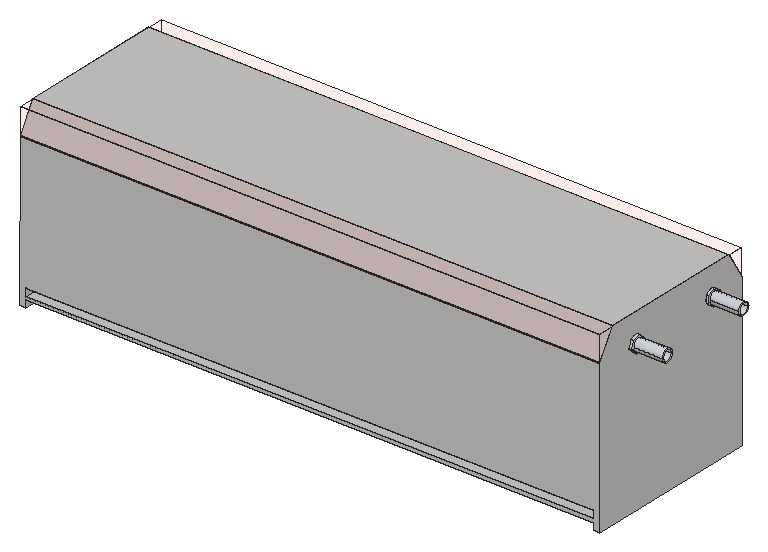
Revit family "Air-Curtain_Climate-Control_PoweredAire_ECE-HW", category Mechanical Equipment, host Face, Revit 2024
Family settings
  Host = Face
  Round Connector Dimension = Use Diameter
  Part Type = Normal
  OmniClass Number = 23.75.35.17.21
  OmniClass Title = Air Curtains
  Cut with Voids When Loaded = No
  Maintain Annotation Orientation = No
  Shared = No
  Room Calculation Point = No
Parameters
  upperrotation [instance] = if(Upper Pipe Connection Side A, 0.00°, 180.00°)  # 0.00°
  lowerrotation [instance] = if(Lower Pipe Connection Side A, 0.00°, 180.00°)  # 0.00°
  locateupperpipe [instance] = if(Upper Pipe Connection Side A, 0' 0", Nozzle Width)  # 0' - 0"
  locatelowerpipe [instance] = if(Lower Pipe Connection Side A, 0' 0", Nozzle Width)  # 0' - 0"
  Upper Pipe Connection Side A [instance] = yes
  Unit Width Notes = "Other Widths available."  # constant formula
  Unit Width = 4' - 1"
  Unit Weight = 0
  Unit Height = 1' - 3"
  Unit Depth [instance] = if(Include Filters, 2' 1 7/8", 1' 11 3/4")  # 1' - 11 3/4"
  Unit  Depth [instance] = 1' - 3"
  URL = "http://www.poweredaire.com/"
  Specification = ""
  Projection from Host [instance] = 0' - 0"
  Product Page URL = "https://www.arcat.com/company/powered-aire-inc-47623"
  Power Rating = 0 W
  Piping_Water Flow [instance] = 0 GPM
  Piping_Operating Pressure [instance] = 0.00 psi
  Piping_Exit Temperature [instance] = 0 °F
  Piping_Entry Temperature [instance] = 0 °F
  Pipe OD [instance] = 5/8"
  Nozzle Width = if(1 = 1, Unit Width - 0' 3", 0' 0")  # 3' - 10"
  Mounting Width = if(1 = 1, Unit Width - 0' 1 1/2", 0' 0")  # 3' - 11 1/2"
  Mounting Height [instance] = 3' - 6"
  Motor RPM = 0
  Motor HP = 0
  Motor Count = 0
  Model = "ECE HW"
  Max Height = 0' - 0"
  Manufacturer = "Powered Aire, Inc"
  Lower Pipe Connection Side A [instance] = yes
  Keynote = "23 34 33"
  Include Filters [instance] = no
  Include Clearance [instance] = yes
  Heating Element Load = 0 W
  HVAC_Temperature Rise [instance] = 0 °F
  HVAC_Outlet Volume [instance] = 0 CFM
  HVAC_Outlet Velocity Uniformity = 0
  HVAC_Outlet Velocity [instance] = 0 FPM
  HVAC_BTU Input = 0.0 Btu/h
  Front Grating Material [instance] = Metal - Steel - PoweredAire - Stainless 304 Perforated
  Frame Finish [instance] = Metal - Steel - PoweredAire - Stainless 304
  Electrical_Wattage [instance] = Power Rating + Heating Element Load  # 0 W
  Electrical_Voltage [instance] = 0 V
  Electrical_Phase [instance] = 1
  Electrical_Frequency [instance] = 0 Hz
  Electrical_Amperage [instance] = 0 A
  Description = ""
  Default Elevation = 0' - 0"  # constant formula
  Copyright = "©Arcat Inc."
  Clearance_Top [instance] = 0' - 0"
  Clearance_Side B [instance] = 0' - 0"
  Clearance_Side A [instance] = 0' - 0"
  Clearance_Intake [instance] = 0' - 0"
  Clearance_Bottom [instance] = 0' - 0"
  Clearance Material [instance] = ARCAT Clearance
  CAD Details = ""
  Assembly Code = "D3090400"
Reference planes (in)
  plane 1 "Center (Elevation)": y = 0.13818
  plane 2: z = 0
  plane 3 "Center (Left/Right)": x = 0
  plane 4: y = 7.63818
  plane 5: y = -7.36182
  plane 6: x = 24.5
  plane 7: z = 15
  plane 8 "FF": y = -41.86182
  plane 9: x = 24.5
  plane 10: x = -24.5
  plane 11: y = 7.63818
  plane 12: y = -7.36182
  plane 13: x = -24.5
  plane 14: y = 6.26318
  plane 15: y = -5.98682
  plane 16: z = 12.75
  plane 17: y = 4.38818
  plane 18: y = -3.67182
  plane 19: z = 0
  plane 20: y = 9.88818
  plane 21: x = 24
  plane 22: x = -24
Forms (in)
  Extrusion 1, solid, material "Metal - Steel - PoweredAire - Stainless 304" <- "Frame Finish"
    sketch origin (0, -0.0191, 0) x (0, 1, 0) y (0, 0, 1)
      loop
        line (-7.34273, 0) -> (7.65727, 0) -> (7.65727, 12.75) -> (6.24408, 15.03125) -> (-5.96773, 15.03125) -> (-7.34273, 12.75) -> (-7.34273, 0)
    from -24.5 to 24.5
  Extrusion 2, solid, material "ARCAT Clearance" <- "Clearance Material", visible <- "Include Clearance"
    sketch origin (0, 0, 0) x (0, 1, 0) y (0, 0, 1)
      loop
        line (-7.36182, 15) -> (-7.36182, 0) -> (7.63818, 0) -> (7.63818, 15) -> (-7.36182, 15)
    from -24.5 to 24.5
  Extrusion 3, solid
    sketch origin (0, 0, 0) x (0, 1, 0) y (0, 0, 1)
      loop
        circle (-3.67182, 12.75) r 0.44922
      loop
        circle (4.38818, 12.75) r 0.44922
      loop
        circle (-3.67182, 12.75) r 0.5
      loop
        circle (4.38818, 12.75) r 0.5
    from 24.5 to 27.25
  Extrusion 4, solid
    sketch origin (0, 0, 0) x (0, 1, 0) y (0, 0, 1)
      loop
        line (-3.19979, 12.27796) -> (-3.02701, 12.92278) -> (-3.49905, 13.39481) -> (-4.14386, 13.22204) -> (-4.31664, 12.57722) -> (-3.8446, 12.10519) -> (-3.19979, 12.27796)
      loop
        line (4.93501, 12.3671) -> (4.99319, 13.03212) -> (4.44636, 13.41502) -> (3.84134, 13.1329) -> (3.78316, 12.46788) -> (4.32999, 12.08498) -> (4.93501, 12.3671)
      loop
        circle (-3.67182, 12.75) r 0.5
      loop
        circle (4.38818, 12.75) r 0.5
    from 24.5 to 24.78
  Extrusion 5, void
    sketch origin (0.25, 0, -1) x (0, 1, 0) y (0, 0, 1)
      loop
        line (-7.36182, 1) -> (-6.36182, 1) -> (-6.36182, 2.5) -> (-7.36182, 2.5) -> (-7.36182, 1.82425) -> (-6.50864, 1.82425) -> (-6.50864, 1.57425) -> (-7.36182, 1.57425) -> (-7.36182, 1)
    from -24.25 to 23.75
  Extrusion 6, solid
    sketch origin (0, 0.13818, 0) x (1, 0, 0) y (0, 0, 1)
      loop
        line (1.90625, 10.0625) -> (-1.90625, 10.0625)
        arc (-1.90625, 10.0625) -> (-1.97254, 10.03504) -> (-2, 9.96875) r 0.09375
        line (-2, 9.96875) -> (-2, 6.15625)
        arc (-2, 6.15625) -> (-1.97254, 6.08996) -> (-1.90625, 6.0625) r 0.09375
        line (-1.90625, 6.0625) -> (1.90625, 6.0625)
        arc (1.90625, 6.0625) -> (1.97254, 6.08996) -> (2, 6.15625) r 0.09375
        line (2, 6.15625) -> (2, 9.96875)
        arc (2, 9.96875) -> (1.97254, 10.03504) -> (1.90625, 10.0625) r 0.09375
    from -9.75 to -7.5
  Extrusion 7, solid, material "Metal - Steel - PoweredAire - Stainless 304 Perforated"
    sketch origin (0, 0, 0) x (0, 1, 0) y (0, 0, 1)
      loop
        line (-5.98682, 15.03125) -> (6.22498, 15.03125) -> (7.63818, 12.75) -> (7.63818, 12.80115) -> (6.24908, 15.07422) -> (-6.01109, 15.07422) -> (-7.36182, 12.83324) -> (-7.36182, 12.75) -> (-5.98682, 15.03125)
    from -24.5 to 24.5
  Extrusion 8, solid
    sketch origin (0, 0, 0) x (0, 1, 0) y (0, 0, 1)
      loop
        circle (-3.67182, 12.75) r 0.53906
      loop
        circle (4.38818, 12.75) r 0.53906
    from 23.98 to 24.5
Cuts and joins
  Extrusion 5 cuts Extrusion 1
  Extrusion 5 cuts Extrusion 2
Lines and regions (in)
  reference lines
    curve 1: line (19.5, 6.26318, 0) -> (24.25, 6.26318, 0)
    curve 2: line (19.5, -5.98682, 0) -> (23.75, -5.98682, 0)
Dimensions and locks (in)
  equal spacing: plane 4, plane 1 "Center (Elevation)", plane 5
  "Unit Height": plane 4 to plane 5
  plane 10 to plane 3 "Center (Left/Right)" to plane 9 = 2' - 0 1/2", 2' - 0 1/2"
  "Mounting Height": plane 1 "Center (Elevation)" to plane 8 "FF"
  "Clearance_Top": plane 11 to plane 4
  "Clearance_Bottom": plane 5 to plane 12
  locked: plane 12 to plane 18 at 3.69
  locked: plane 17 to plane 11 at 3.25
  locked: Extrusion 1 to Extrusion 3 at 2.75
  "Clearance_Side B": plane 9 to plane 6
  "Clearance_Side A": plane 13 to plane 10
  "Unit Width": plane 10 to plane 9
  locked: plane 6 to Extrusion 4 at 0.28
  Extrusion 5 sketch curve to Extrusion 5 sketch curve to Extrusion 5 sketch curve to Extrusion 5 sketch curve = 0' - 0.67575" locked, 0' - 0 1/4" locked, 0' - 0.57425" locked
  locked: Extrusion 5 sketch curve to Extrusion 5 sketch curve at 0.14681
  "Projection from Host": plane 2 to plane 19
  locked: plane 16 to plane 7 at 2.25
  "Unit  Depth": plane 7 to plane 19
  Extrusion 6 to plane 3 "Center (Left/Right)" to Extrusion 6 = 0' - 2" locked, 0' - 2" locked
  locked: Extrusion 6 to Extrusion 6 at 4
  locked: Extrusion 6 to plane 7 at 4.9375
  locked: cut or joined group of Extrusion 2, Extrusion 5 to Extrusion 6 at 2.25
  locked: plane 20 to plane 11 at 2.25
  equal spacing: cut or joined group of Extrusion 2, Extrusion 5, plane 3 "Center (Left/Right)", cut or joined group of Extrusion 2, Extrusion 5
  locked: plane 22 to plane 10 at 0.5
  locked: plane 9 to plane 21 at 0.5
  locked: Extrusion 8 to plane 6 at 0.52
  plane 9 to plane 6 = 0' - 0"
  aligned and locked: plane 2 to host face
  aligned and locked: host face to level
  aligned and locked: plane 12 to Extrusion 2 sketch curve
  aligned and locked: level to Extrusion 2 sketch curve
  aligned and locked: Extrusion 2 sketch curve to plane 11
  aligned and locked: Extrusion 2 to plane 13
  aligned and locked: plane 9 to Extrusion 1
  aligned and locked: Extrusion 1 to plane 10
  aligned and locked: plane 15 to curve 2
  aligned and locked: plane 14 to curve 1
  aligned and locked: plane 6 to Extrusion 2
  aligned and locked: Extrusion 3 to Extrusion 1
  aligned and locked: Extrusion 3 to plane 9
  aligned and locked: plane 9 to Extrusion 3  (x2)
  aligned and locked: plane 10 to Extrusion 1
  aligned and locked: Extrusion 4 to plane 6
  aligned and locked: plane 19 to cut or joined group of Extrusion 1, Extrusion 5
  aligned and locked: Extrusion 1 to Extrusion 5
  aligned and locked: Extrusion 1 to plane 4
  aligned and locked: Extrusion 1 to plane 5
  aligned and locked: cut or joined group of Extrusion 1, Extrusion 5 to plane 11
  aligned and locked: Extrusion 7 sketch curve to plane 5
  aligned and locked: plane 4 to Extrusion 7 sketch curve
  aligned and locked: Extrusion 7 to cut or joined group of Extrusion 1, Extrusion 5  (x2)
  aligned and locked: Extrusion 6 to cut or joined group of Extrusion 1, Extrusion 5
  aligned and locked: cut or joined group of Extrusion 1, Extrusion 5 to Extrusion 6
  aligned and locked: Extrusion 6 to plane 20
  aligned and locked: Extrusion 5 to cut or joined group of Extrusion 2, Extrusion 5  (x2)
  aligned and locked: plane 21 to cut or joined group of Extrusion 2, Extrusion 5
  aligned and locked: cut or joined group of Extrusion 2, Extrusion 5 to plane 22
  aligned and locked: Extrusion 8 to Extrusion 4
Automatic sketch dimensions
  host sketch curve to host sketch curve = 8' - 0"  (x2)
  curve 1 to plane 9 = 0' - 0 1/4"
  curve 1 to curve 1 = 0' - 4 3/4"
  curve 2 to plane 9 = 0' - 5"
  Extrusion 3 sketch curve to Extrusion 3 sketch curve = 0' - 0"  (x4)
  Extrusion 3 sketch curve to plane 16 = 0' - 0"  (x2)
  Extrusion 3 sketch curve to plane 18 = 0' - 0"
  Extrusion 3 sketch curve to plane 17 = 0' - 0"
  Extrusion 4 sketch curve to plane 16 = 0' - 0"  (x2)
  Extrusion 4 sketch curve to plane 18 = 0' - 0"
  Extrusion 4 sketch curve to plane 17 = 0' - 0"
  plane 18 to Extrusion 4 sketch curve = 0' - 0.17278"
  plane 18 to Extrusion 4 sketch curve = 0' - 0.47204"
  Extrusion 4 sketch curve to plane 16 = 0' - 0.17278"
  plane 18 to Extrusion 4 sketch curve = 0' - 0.64481"
  Extrusion 4 sketch curve to plane 18 = 0' - 0.17278"
  Extrusion 4 sketch curve to plane 18 = 0' - 0.47204"
  plane 16 to Extrusion 4 sketch curve = 0' - 0.17278"
  Extrusion 4 sketch curve to plane 18 = 0' - 0.64481"
  Extrusion 4 sketch curve to plane 16 = 0' - 0.28212"
  plane 17 to Extrusion 4 sketch curve = 0' - 0.60502"
  plane 17 to Extrusion 4 sketch curve = 0' - 0.54683"
  plane 17 to Extrusion 4 sketch curve = 0' - 0.05818"
  Extrusion 4 sketch curve to plane 17 = 0' - 0.05818"
  Extrusion 4 sketch curve to plane 17 = 0' - 0.54683"
  plane 16 to Extrusion 4 sketch curve = 0' - 0.28212"
  Extrusion 4 sketch curve to plane 17 = 0' - 0.60502"
  Extrusion 4 sketch curve to plane 16 = 0' - 0.3829"
  Extrusion 4 sketch curve to plane 16 = 0' - 0.47204"
  Extrusion 4 sketch curve to plane 16 = 0' - 0.64481"
  Extrusion 4 sketch curve to plane 16 = 0' - 0.66502"
  plane 16 to Extrusion 4 sketch curve = 0' - 0.3829"
  plane 16 to Extrusion 4 sketch curve = 0' - 0.47204"
  plane 16 to Extrusion 4 sketch curve = 0' - 0.64481"
  plane 16 to Extrusion 4 sketch curve = 0' - 0.66502"
  Extrusion 5 sketch curve to plane 5 = 0' - 0"  (x2)
  plane 15 to Extrusion 5 sketch curve = 0' - 0.52181"
  Extrusion 2 sketch curve to plane 7 = 0' - 0"
  plane 19 to Extrusion 5 sketch curve = 0' - 0"
  Extrusion 6 sketch curve to plane 3 "Center (Left/Right)" = 0' - 2"
  Extrusion 6 sketch curve to Extrusion 6 sketch curve = 0' - 0 3/32"  (x3)
  plane 3 "Center (Left/Right)" to Extrusion 6 sketch curve = 0' - 1 29/32"  (x2)
  level to Extrusion 6 sketch curve = 0' - 6 1/16"
  Extrusion 6 sketch curve to plane 16 = 0' - 2 25/32"
  Extrusion 7 sketch curve to plane 15 = 0' - 0"
  Extrusion 7 sketch curve to plane 16 = 0' - 0"  (x2)
  plane 14 to Extrusion 7 sketch curve = 0' - 0.03819"
  plane 14 to Extrusion 7 sketch curve = 0' - 0.0141"
  Extrusion 7 sketch curve to Extrusion 7 sketch curve = 0' - 0.05115"
  Extrusion 7 sketch curve to Extrusion 7 sketch curve = 0' - 0.08324"
  plane 7 to Extrusion 7 sketch curve = 0' - 0 1/32"
  Extrusion 7 sketch curve to Extrusion 7 sketch curve = 0' - 0 11/256"
  plane 15 to Extrusion 7 sketch curve = 0' - 0.02427"
  Extrusion 1 sketch curve to plane 5 = 0' - 0"
  Extrusion 1 sketch curve to plane 15 = 0' - 0"
  Extrusion 1 sketch curve to level = 0' - 0"
  Extrusion 1 sketch curve to plane 4 = 0' - 0"
  Extrusion 1 sketch curve to plane 16 = 0' - 0"  (x2)
  plane 14 to Extrusion 1 sketch curve = 0' - 0.03819"
  plane 7 to Extrusion 1 sketch curve = 0' - 0 1/32"
  curve 2 to plane 6 = 0' - 0 3/4"
  Extrusion 8 sketch curve to plane 16 = 0' - 0"  (x2)
  Extrusion 8 sketch curve to plane 18 = 0' - 0"
  Extrusion 8 sketch curve to plane 17 = 0' - 0"
  radius of Extrusion 3 sketch curve = 0' - 0 115/256"  (x2)
  radius of Extrusion 3 sketch curve = 0' - 0 1/2"  (x2)
  radius of Extrusion 4 sketch curve = 0' - 0 1/2"  (x2)
  radius of Extrusion 8 sketch curve = 0' - 0 69/128"  (x2)
